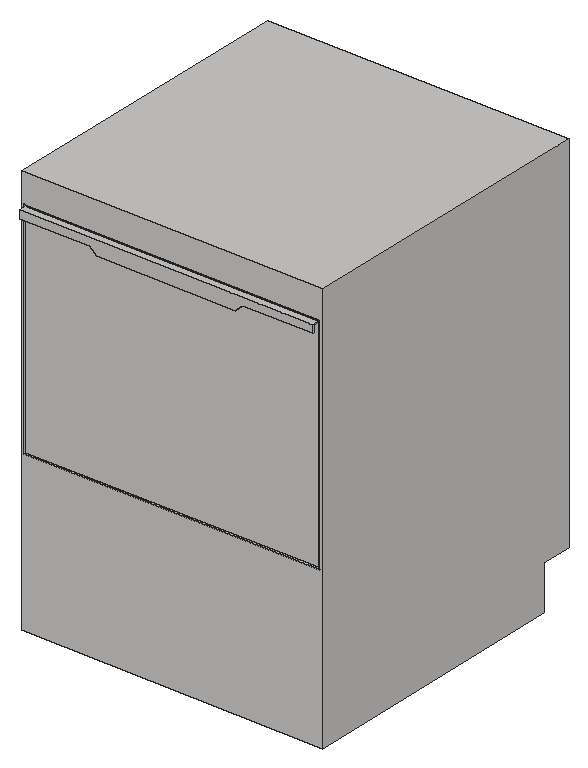
Revit family "QF_ELECTROLUXPROFESSIONAL_400223_ELA3GMCD", category Specialty Equipment, Revit 2018
Family settings
  Round Connector Dimension = Use Diameter
  Part Type = Normal
  Work Plane-Based = No
  Always vertical = Yes
  Cut with Voids When Loaded = No
  Shared = No
  Room Calculation Point = No
Parameters
  Weight = 60.00 kg
  Watts = 0 W
  Volts = 0 V
  URL Manufacturer = ""
  URL = "http://professional.electrolux.com/"
  Steam Supply Size = 0 mm
  Steam Supply Minimum Pressure = 0.0 Pa
  Steam Supply Maximum Pressure = 0.0 Pa
  Steam Pounds per Hour = 0
  Show Logo [instance] = yes
  Show Clearance [instance] = yes
  Refrigeration Suction Line Size = 0 mm
  Refrigeration Liquid Line Size = 0 mm
  Refrigerant Compressor Remote = yes
  Manufacturer = ""
  Phase = 0
  Model = ""
  Length Actual = 600 mm  # constant formula
  Item Number = ""
  Hot Water Size = 0 mm
  Height Actual = 820 mm  # constant formula
  HP = "7.2 HP"
  Gas Size = 0 mm
  Gas KW = 0
  Gas Input Pressure = 0 W
  Direct Waste Size = 20.5 mm
  Description = ""
  Depth Actual = 648 mm  # constant formula
  Cycle = 0 Hz
  Condensate Return Size = 0 mm
  Compressed Air Volume = 0.0 L/s
  Compressed Air Size = 0 mm
  Compressed Air Pressure = 0.0 Pa
  Cold Water Size = 0 mm
  Accessory = yes
Types (2, lengths in mm): name | Volts | URL Manufacturer | URL | Manufacturer | Phase | Model | Item Number | Hot Water Size | Description | Cycle
  (no name) | 0 V | "" | "http://professional.electrolux.com/" | "" | 0 | "" | "" | 0 | "" | 0 Hz
  Standard | 400 V | "http://professional.electrolux.com" | "http://professional.electrolux.com" | "Electrolux Professional" | 3 | "ELA3GMCD" | "400223" | 19.05 | "UNDERCOUNTER(L), WASH-SAFE, 3PH, DP, DD, 540D/H - MCD" | 50 Hz
Reference planes
  plane 1 "Center (Front/Back)": y = 0
  plane 2: z = 0
  plane 3 "Center (Left/Right)": x = 0
  plane 4 "LEFT": x = -300
  plane 5 "RIGHT": x = 300
  plane 6 "FRONT": y = -306
  plane 7 "BACK": y = 306
  plane 8: x = -202.5
  plane 9: x = 202.5
  plane 10: z = 830
  plane 11: z = 10
Forms (mm)
  Extrusion 1, solid, material "QF_Finishes_Stainless Steel"
    sketch origin (0, 0, 0) x (1, 0, 0) y (0, 1, 0)
      loop
        line (-300, -306) -> (300, -306) -> (300, 245) -> (-300, 245) -> (-300, -306)
    from 10 to 830
  Extrusion 2, solid, material "QF_Finishes_Stainless Steel"
    sketch origin (0, 0, 0) x (1, 0, 0) y (0, 1, 0)
      loop
        line (-300, 245) -> (300, 245) -> (300, 306) -> (-300, 306) -> (-300, 245)
    from 100 to 830
  Extrusion 3, solid, material "QF_Finishes_Stainless Steel"
    sketch origin (0, 17.5, 0) x (1, 0, 0) y (0, 1, 0)
      loop
        circle (-254, 167.5) r 12.5
      loop
        circle (254, 167.5) r 12.5
      loop
        circle (-254, -263.5) r 12.5
      loop
        circle (254, -263.5) r 12.5
    from 0 to 10
  Extrusion 4, void
    sketch origin (-300, -306, 0) x (-1, 0, 0) y (0, 0, 1)
      loop
        line (-5, 773.217) -> (-595, 773.217) -> (-595, 327.335) -> (-5, 327.335) -> (-5, 773.217)
    from 0 to 30
  Extrusion 5, solid, material "QF_Finishes_Stainless Steel"
    sketch origin (-259, -389, 768) x (0, 0, -1) y (1, 0, 0)
      loop
        circle (693, 143) r 10
    from -634 to -695
  Extrusion 6, solid, material "QF_Door-Drawer Clearances", visible <- "Show Clearance", detail levels coarse
    sketch origin (-230, -282.5, 0) x (0, 1, 0) y (0, 0, -1)
      loop
        line (-23.5, -330.419) -> (-391.5, -330.419)
        arc (-391.5, -330.419) -> (-290.693, -619.855) -> (-23.5, -770) r 432.894
        line (-23.5, -770) -> (-23.5, -330.419)
    from 61.197 to -521.306
  Extrusion 7, solid, material "QF_Finishes_Stainless Steel"
    sketch origin (-315.481, -389, 738) x (0, 0, -1) y (1, 0, 0)
      loop
        circle (663, 252.481) r 8
    from -634 to -695
  Extrusion 8, solid, material "QF_Finishes_Stainless Steel"
    sketch origin (-230, -282.5, 0) x (0, 1, 0) y (0, 0, -1)
      loop
        line (-23.5, -330.419) -> (-23.5, -770) -> (1.5, -770) -> (1.5, -330.419) -> (-23.5, -330.419)
    from 61.197 to -521.306
  Extrusion 9, solid, material "QF_Finishes_Stainless Steel"
    sketch origin (-230, -297.5, 0) x (0, 1, 0) y (0, 0, -1)
      loop
        line (-8.5, -770) -> (-8.5, -767.514) -> (-21, -767.514) -> (-21, -741.25) -> (-23.5, -741.25) -> (-23.5, -770) -> (-8.5, -770)
    from 61.197 to -521.306
  Extrusion 10, void
    sketch origin (-230, -321, 770) x (0, 0, 1) y (1, 0, 0)
      loop
        line (-15.552, -61.197) -> (-15.552, 77.909) -> (-28.75, 91.107) -> (-28.75, -61.197) -> (-15.552, -61.197)
      loop
        line (-15.552, 521.197) -> (-28.75, 521.197) -> (-28.75, 368.893) -> (-15.552, 382.091) -> (-15.552, 521.197)
    from 0 to 2.5
  Extrusion 11, solid, material "QF_Finishes_Stainless Steel"
    sketch origin (-295.988, 885.897, 763.79) x (0, -1, 0) y (1, 0, 0)
      loop
        circle (611.5, 158) r 8
    from -663.79 to -673.79
Cuts and joins
  Extrusion 4 cuts Extrusion 1
  joined: Extrusion 1, Extrusion 2
  Extrusion 10 cuts Extrusion 8
  Extrusion 10 cuts Extrusion 9
Lines and regions (mm)
  Split face 1
    outline origin (-300, -306, 830) x (0, 0, -1) y (1, 0, 0)
      loop
        line (21.579, 283.75) -> (39.683, 283.75) -> (39.683, 316.25) -> (21.579, 316.25) -> (21.579, 283.75)
  Split face 2
    outline origin (-300, -306, 830) x (0, 0, -1) y (1, 0, 0)
      loop
        line (56.783, 595) -> (56.783, 600)
      loop
        arc (56.783, 412.5) -> (28.391, 440.891) -> (0, 412.5) r 28.391
  symbolic lines
    curve 1: line (-300, 306, 0) -> (300, 306, 0)
    curve 2: line (-300, -306, 0) -> (-300, 306, 0)
    curve 3: line (300, -306, 0) -> (-300, -306, 0)
    curve 4: line (300, 306, 0) -> (300, -306, 0)
    curve 9: line (-291.197, -306, 0) -> (-291.197, -321, 0)
    curve 10: line (291.306, -321, 0) -> (291.306, -306, 0)
    curve 11: line (-291.197, -321, 0) -> (291.306, -321, 0)
  symbolic lines, style "QF_Door-Drawer Clearances"
    curve 5: line (-291.197, -674, 0) -> (291.306, -674, 0)
    curve 6: line (291.306, -674, 0) -> (291.306, -306, 0)
    curve 7: line (-291.197, -674, 0) -> (-291.197, -306, 0)
  symbolic lines, style "SpecialityEquipmentHiddenLines"
    curve 8: line (-300, 245, 0) -> (300, 245, 0)
Dimensions and locks
  equal spacing: plane 4 "LEFT", plane 3 "Center (Left/Right)", plane 5 "RIGHT"
  equal spacing: plane 7 "BACK", plane 1 "Center (Front/Back)", plane 6 "FRONT"
  plane 7 "BACK" to plane 6 "FRONT" = 612 mm
  plane 4 "LEFT" to plane 5 "RIGHT" = 600 mm
  plane 4 "LEFT" to plane 8 = 97.5 mm
  plane 9 to plane 5 "RIGHT" = 97.5 mm
  plane 11 to level = 10 mm
  plane 4 "LEFT" to plane 3 "Center (Left/Right)" = 300 mm
  plane 10 to level = 830 mm  (x2)
  plane 8 to plane 9 = 405 mm
  Extrusion 11 sketch curve to plane 4 "LEFT" = 162.012 mm
  level to Extrusion 5 sketch curve = 75 mm
  Extrusion 5 sketch curve to plane 4 "LEFT" = 184 mm
  Extrusion 7 sketch curve to plane 4 "LEFT" = 237 mm
  level to Extrusion 7 sketch curve = 75 mm
  Extrusion 3 to cut or joined group of Extrusion 1, Extrusion 2, Extrusion 4 = 121 mm
  Extrusion 3 to Extrusion 3 = 431 mm
  plane 6 "FRONT" to Extrusion 3 = 60 mm
  plane 9 to plane 8 = 405 mm
  plane 7 "BACK" to curve 5 = 980 mm
  cut or joined group of Extrusion 1, Extrusion 2, Extrusion 4 to level = 327.335 mm
  aligned and locked: level to plane 2
  aligned and locked: Extrusion 1 sketch curve to plane 6 "FRONT"
  aligned and locked: Extrusion 1 sketch curve to plane 4 "LEFT"
  aligned and locked: plane 5 "RIGHT" to Extrusion 1 sketch curve
  aligned and locked: Extrusion 1 to plane 11
  aligned and locked: Extrusion 2 sketch curve to Extrusion 1
  aligned and locked: plane 5 "RIGHT" to Extrusion 2 sketch curve
  aligned and locked: plane 11 to Extrusion 3
  aligned and locked: cut or joined group of Extrusion 9, Extrusion 10 to Extrusion 10
Automatic sketch dimensions
  Extrusion 1 sketch curve to plane 7 "BACK" = 61 mm
  Extrusion 3 sketch curve to plane 8 = 51.5 mm  (x2)
  plane 9 to Extrusion 3 sketch curve = 51.5 mm  (x2)
  plane 6 "FRONT" to Extrusion 3 sketch curve = 60 mm  (x2)
  Extrusion 3 sketch curve to plane 7 "BACK" = 121 mm  (x2)
  Extrusion 4 sketch curve to Extrusion 1 = 5 mm  (x2)
  Extrusion 4 sketch curve to Extrusion 1 = 317.335 mm
  Extrusion 4 sketch curve to Extrusion 1 = 56.783 mm
  plane 6 "FRONT" to Extrusion 8 sketch curve = 0 mm
  Extrusion 8 sketch curve to Extrusion 8 sketch curve = 25 mm
  Extrusion 9 sketch curve to plane 6 "FRONT" = 15 mm
  Extrusion 9 sketch curve to Extrusion 9 sketch curve = 2.5 mm
  Extrusion 9 sketch curve to Extrusion 9 sketch curve = 12.5 mm
  Extrusion 9 sketch curve to plane 10 = 60 mm
  Extrusion 9 sketch curve to Extrusion 9 sketch curve = 2.486 mm
  Extrusion 9 sketch curve to Extrusion 9 sketch curve = 26.264 mm
  Extrusion 2 sketch curve to Extrusion 2 sketch curve = 61 mm
  Split face 1 sketch curve to cut or joined group of Extrusion 1, Extrusion 2, Extrusion 4 = 21.579 mm
  Split face 1 sketch curve to Split face 1 sketch curve = 18.104 mm
  Split face 1 sketch curve to cut or joined group of Extrusion 1, Extrusion 2, Extrusion 4 = 278.75 mm
  Split face 1 sketch curve to Split face 1 sketch curve = 32.5 mm
  plane 11 to Extrusion 8 sketch curve = 320.419 mm
  Extrusion 8 sketch curve to plane 10 = 60 mm
  Extrusion 10 sketch curve to Extrusion 9 = 0 mm  (x2)
  Extrusion 9 to Extrusion 10 sketch curve = 0 mm
  Extrusion 10 sketch curve to Extrusion 9 = 13.198 mm  (x2)
  Extrusion 10 sketch curve to Extrusion 9 = 139.107 mm
  Extrusion 10 sketch curve to Extrusion 10 sketch curve = 13.198 mm  (x2)
  Extrusion 10 sketch curve to Extrusion 9 = 152.413 mm
  Extrusion 10 sketch curve to Extrusion 9 = 0.109 mm
  curve 3 to plane 4 "LEFT" = 0 mm
  curve 7 to plane 6 "FRONT" = 0 mm
  curve 4 to plane 5 "RIGHT" = 0 mm
  curve 2 to plane 7 "BACK" = 0 mm
  plane 4 "LEFT" to curve 5 = 8.803 mm
  curve 5 to plane 5 "RIGHT" = 8.694 mm
  plane 4 "LEFT" to curve 11 = 8.803 mm
  curve 10 to plane 5 "RIGHT" = 8.694 mm
  curve 11 to plane 6 "FRONT" = 15 mm
  curve 8 to plane 7 "BACK" = 61 mm
  Extrusion 2 sketch curve to plane 7 "BACK" = 0 mm
  Split face 2 sketch curve to cut or joined group of Extrusion 1, Extrusion 2, Extrusion 4 = 0 mm  (x5)
  Split face 2 sketch curve to cut or joined group of Extrusion 1, Extrusion 2, Extrusion 4 = 182.5 mm
  Extrusion 11 sketch curve to plane 7 "BACK" = 31.603 mm
  Extrusion 6 sketch curve to plane 6 "FRONT" = 0 mm
  plane 6 "FRONT" to Extrusion 6 sketch curve = 64.74 mm
  plane 11 to Extrusion 6 sketch curve = 331.974 mm
  Extrusion 6 sketch curve to Extrusion 6 sketch curve = 11.555 mm
  Extrusion 6 sketch curve to plane 6 "FRONT" = 368 mm
  radius of Extrusion 5 sketch curve = 10 mm
  radius of Extrusion 7 sketch curve = 8 mm
  radius of Extrusion 3 sketch curve = 12.5 mm  (x4)
  radius of Extrusion 11 sketch curve = 8 mm
Connectors
  piping at (-116, 306, 75), diameter 20
    settings: on Extrusion 5, index 1, connector inside diameter 609.6 mm, connector length 0 mm, flow factor 0, pipe flow 0.0 L/s, pressure drop 0.0 Pa, fitting loss kfactor 0, connector angle 0.00°, fixture units 0, engagement length 0 mm, angle of deflection 0.00°, flow configuration 1, flow direction 1, fitting loss method 0, system type 16, joint type 0, gender type 0, connector reference index -1, connector utility 0, adjustable connector no, is connector primary yes, connector description "Drain"
  piping at (-63, 306, 75), diameter 16
    settings: on Extrusion 7, index 3, connector inside diameter 609.6 mm, connector length 0 mm, flow factor 0, pipe flow 0.0 L/s, pressure drop 0.0 Pa, fitting loss kfactor 0, connector angle 0.00°, fixture units 0, engagement length 0 mm, angle of deflection 0.00°, flow configuration 1, flow direction 1, fitting loss method 0, system type 20, joint type 0, gender type 0, connector reference index -1, connector utility 0, adjustable connector no, is connector primary no, connector description "Cold Water Inlet"
  electrical at (-137.988, 274.397, 90), driven by "Volts"
    settings: on Extrusion 11, index 4, voltage 0 V, apparent load 0 VA, apparent load phase1 0 VA, apparent load phase2 0 VA, apparent load phase3 0 VA, power factor 1, load classification "Altro", number of poles 1, system type 31, power factor state 1, is connector primary yes, connector utility no, sub classification motor no, connector description "Electrical Connection"
